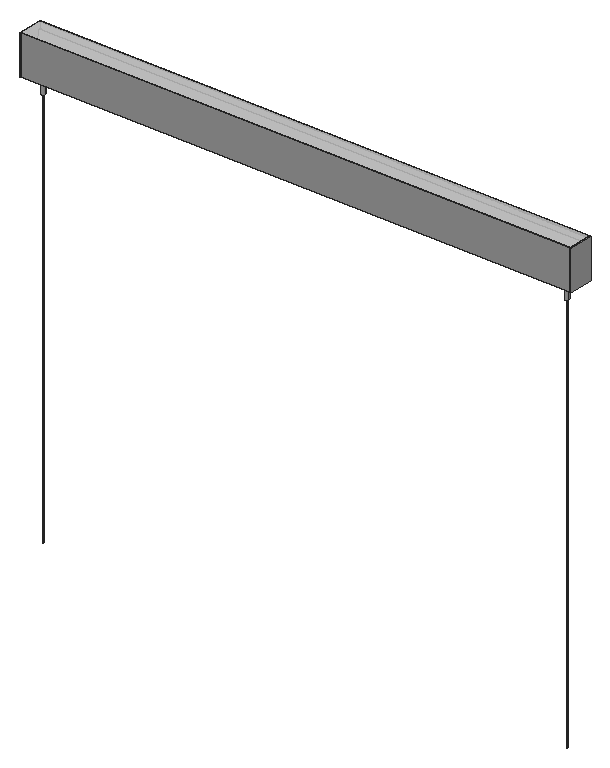
Revit family "2093101 Sylvania Lighting Fixture MC2-KIT D I 1-2M 4K DALI WHT PRIS", category Lighting Fixtures, host Face, Revit 2016
Family settings
  Host = Face
  Part Type = Normal
  Round Connector Dimension = Use Diameter
  OmniClass Number = 23.80.70.11.17
  OmniClass Title = Specialized Lighting by Location or Use
  Cut with Voids When Loaded = No
  Light Source = Yes
  Shared = No
  Room Calculation Point = No
Parameters (values of type "2093101 MC2-KIT D/I 1.2M 4K DALI WHT PRIS")
  Width_SYL = 54.0 mm
  Weight = "3.4 kg"
  Wattage = 32 W
  WarrantyStartDate [instance] = "n/a"
  WarrantyGuarantorParts = "n/a"
  WarrantyDurationUnit = "n/a"
  WarrantyDurationParts = "n/a"
  WarrantyDescription = "n/a"
  built-in parameter 1150110 = 1 (stored number, unit not read)
  Voltage = 0 V
  URL = "http://www.sylvania-lighting.com"
  TypeName = "MC2-KIT D/I 1.2M 4K DALI WHT PRIS"
  built-in parameter 1114217 = 1 (stored number, unit not read)
  Tilt Angle = -90.00°
  built-in parameter 1150109 = 1 (stored number, unit not read)
  built-in parameter 1150134 = 12
  built-in parameter 1150113 = 1 (stored number, unit not read)
  SerialNumber [instance] = "n/a"
  PowerFactor = 0.95
  PowerConsumption = "32 W"
  NominalWidth = 0.0 mm
  NominalLength = 1200.0 mm
  NominalHeight = 86.0 mm
  Name = "MC2-KIT D/I 1.2M 4K DALI WHT PRIS"
  ModelReference = "MC2-KIT D/I 1.2M 4K DALI WHT PRIS"
  ModelNumber = "2093101"
  Material_3_SYL = Metal_Sylvania_Mini Contiuum II_Silver
  Photometric Web File = "2093101.ies"
  Material_4_SYL = Metal_Sylvania_Mini Contiuum II_Silver
  MountingHeight_SYL [instance] = 1000.0 mm
  Material = "aluminium housing, polycarbonate diffuser"
  ManufacturerName = "Feilo Sylvania"
  LuminousEfficacy = "122 lm/W"
  LuminaireType = ""
  LightOutputRatio = "100"
  Length_SYL = 1200.0 mm
  LampsType = Lamp  # "LED"
  LampNominalLuminous = "3888 lm"
  LampMacAdamStep = "3"
  LampColourTemperature = "4000 K"
  LampColourRenderingIndex = "80"
  Keynote = "16500"
  InstallationDate [instance] = "n/a"
  InputVoltage = "n/a"
  InputNominalFrequency = "n/a"
  IngressProtection = "IP20"
  ImpactProtectionIndex = "n/a"
  IfcExportType = "IfcLightFixtureType"
  IfcExportAs = "IfcLightFixtureType"
  Height_SYL = 86.0 mm
  ExpectedLife = 50000
  EndCapRight_SYL = yes
  EndCapLeft_SYL = yes
  Emit from Rectangle Width = Width_SYL - 2.0 mm  # 52.0 mm
  Emit from Rectangle Length = Length_SYL  # 1200.0 mm
  Emit Shape Visible in Rendering = no
  ElectricShockClassification = "Class I"
  DurationUnit = "hours"
  DocumentationLiterature = "http://www.sylvania-lighting.com/product/en-int/products/2093101"
  DimmingControlOptions = "n/a"
  CreatedOn = "10/15/2018"
  CreatedBy = "@sylvania-lighting.com"
  built-in parameter 1114216 [instance] = 1 (stored number, unit not read)
  Model = "MC2-KIT D/I 1.2M 4K DALI WHT PRIS"
  Manufacturer = "Feilo Sylvania"
  built-in parameter 1150105 = 310.67 (stored number, unit not read)
  Lumens = 3904 lm
  built-in parameter 1150115 = 1 (stored number, unit not read)
  built-in parameter 1150137 = (empty or 0)
  built-in parameter 1150139 = (empty or 0)
  built-in parameter 1150112 = 1 (stored number, unit not read)
  built-in parameter 1150114 = 1 (stored number, unit not read)
  Lamp = "LED"
  built-in parameter 1150132 = 2
  built-in parameter 1150102 = (empty or 0)
  built-in parameter 1150107 = 4000 (stored number, unit not read)
  built-in parameter 1150138 = (empty or 0)
  built-in parameter 1150106 = 3.1067 (stored number, unit not read)
  Material_1_SYL = Metal_Sylvania_Mini Continuum II_White
  built-in parameter 1150104 = 11.334 (stored number, unit not read)
  Dimming Lamp Color Temperature Shift = <None>
  Material_2_SYL = Polycarbonate_Sylvania_Mini Continuum II_Opal_4000K
  Description = "2093101   MC2-KIT D/I 1.2M 4K DALI WHT PRIS  Continuous lines of LED light, white RAL 9016, direct/indirect distribution (65/35), suspended kit version is pre-wired and supplied complete with end caps and suspension cables, compact and minimalist design based on the Golden Mean, ideal for offices, meeting rooms, corridors, education facilities, museums and libraries, extruded aluminium body, diffuser: micro prismatic, colour temperature: 4000K neutral white, total system power: 32W, total fixture output: 3696lm, luminaire efficacy: 116lm/W, LOR: 100%, colour rendering: Ra >80, LED Chromacity: 1 step MacAdam ellipse, lifetime: 60,000 hours at 90% of the original output (L90), energy class: A++, A+, A, IR/UV free light source without heat radiation, operating voltage: 220-240V / 50-60Hz, drive current: (Direct) 800mA + (Indirect) 350mA, electronic driver, DALI dimmable, direct/indirect independently addressable, electrical protection: CLASS I, IP20, suitable for internal environment only."
  Default Elevation = 0.0 mm
  Color Filter = 16777215
  built-in parameter 1140040 [instance] = 1
  BarCode [instance] = "n/a"
  built-in parameter 1114218 = 1 (stored number, unit not read)
  built-in parameter 1150133 = 10 (stored number, unit not read)
  AssetType = "Fixed"
  AssetIdentifier [instance] = "n/a"
  Assembly Code = "D5020200"
  Apparent Load = 32 VA
Reference planes
  plane 1 "Center (Front/Back)": y = 0
  plane 2 "Bottom Fixtures": z = 0
  plane 3 "Center (Left/Right)": x = 0
  plane 4 "Fixture Left": x = -600
  plane 5 "Fixture Right": x = 600
  plane 6 "Fixture Bottom": z = 1000
  plane 7: z = 998
  plane 8: z = 996
  plane 9: z = 986.951
  plane 10: z = 956.951
  plane 11 "Fixture Top": z = 914
  plane 12 "Mounting Right": x = 572
  plane 13 "Mounting Left": x = -572
  plane 14: z = 879
  plane 15: y = 27
  plane 16: y = -27
  plane 17: y = -26
  plane 18: y = -25
  plane 19: y = 26
  plane 20: y = 25
  plane 21: y = 11
  plane 22: y = -11
  plane 23: y = 24
  plane 24: y = 22
  plane 25: y = -22
  plane 26: y = 15
  plane 27: y = -15
  plane 28 "Upper Diffuser Left": x = -450
  plane 29 "Upper Diffuser Right": x = 450
  plane 30: x = -602
  plane 31: x = 602
Forms (mm)
  Extrusion 1, solid, material "Metal_Sylvania_Mini Continuum II_White" <- "Material_1_SYL", detail levels fine
    sketch origin (0, 0, 520) x (0, 1, 0) y (0, 0, 1)
      loop
        line (27, 480) -> (26, 480) -> (26, 478) -> (25, 478) -> (25, 396) -> (13, 396) -> (13, 398) -> (-13, 398) -> (-13, 396) -> (-25, 396) -> (-25, 478) -> (-26, 478) -> (-26, 480) -> (-27, 480) -> (-27, 394) -> (-11, 394) -> (-11, 396) -> (11, 396) -> (11, 394) -> (27, 394) -> (27, 480)
    from -600 to 600
  Extrusion 2, solid, material "Polycarbonate_Sylvania_Mini Continuum II_Opal_4000K" <- "Material_2_SYL", detail levels fine
    sketch origin (0, 0, 520) x (0, 1, 0) y (0, 0, 1)
      loop
        line (-26, 480) -> (-26, 478) -> (26, 478) -> (26, 480) -> (-26, 480)
    from -600 to 600
  Extrusion 3, solid, material "Metal_Sylvania_Mini Contiuum II_Silver" <- "Material_3_SYL", detail levels fine
    sketch origin (0, 0, 520) x (0, 1, 0) y (0, 0, 1)
      loop
        line (22, 466.951) -> (20.973, 466.951) -> (14.206, 437.951) -> (11, 437.951) -> (11, 436.951) -> (15, 436.951) -> (22, 466.951)
      loop
        line (-15, 436.951) -> (-11, 436.951) -> (-11, 437.951) -> (-14.206, 437.951) -> (-20.973, 466.951) -> (-22, 466.951) -> (-15, 436.951)
    from -600 to 600
  Extrusion 4, solid, material "Metal_Sylvania_Mini Continuum II_White" <- "Material_1_SYL", detail levels coarse+medium
    sketch origin (0, 0, 520) x (0, 1, 0) y (0, 0, 1)
      loop
        line (-27, 480) -> (-27, 394) -> (27, 394) -> (27, 480) -> (-27, 480)
    from -600 to 600
  Extrusion 5, solid, material "Metal_Sylvania_Mini Contiuum II_Silver" <- "Material_4_SYL", detail levels fine
    sketch origin (0, 0, -86) x (-1, 0, 0) y (0, -1, 0)
      loop
        circle (572, 0) r 4
      loop
        circle (-572, 0) r 4
    from 965 to 1002
  Extrusion 6, solid, material "Metal_Sylvania_Mini Contiuum II_Silver" <- "Material_4_SYL", detail levels fine
    sketch origin (0, 0, -86) x (-1, 0, 0) y (0, -1, 0)
      loop
        circle (-572, 0) r 1
      loop
        circle (572, 0) r 1
    from 86 to 965
  Extrusion 7, solid, material "Polycarbonate_Sylvania_Mini Continuum II_Opal_4000K" <- "Material_2_SYL", detail levels fine
    sketch origin (0, 0, 0) x (0, 1, 0) y (0, 0, 1)
      loop
        arc (11, 916) -> (5.59, 914.504) -> (0, 914) r 31.25
        arc (0, 914) -> (-5.59, 914.504) -> (-11, 916) r 31.25
        line (-11, 916) -> (-11, 914.934)
        arc (-11, 914.934) -> (-5.584, 913.487) -> (0, 913) r 32.25
        arc (0, 913) -> (5.584, 913.487) -> (11, 914.934) r 32.25
        line (11, 914.934) -> (11, 916)
    from -450 to 450
  Extrusion 8, void
    sketch origin (0, 0, 0) x (0, 1, 0) y (0, 0, 1)
      loop
        line (11, 918) -> (-11, 918) -> (-11, 916) -> (11, 916) -> (11, 918)
    from -450 to 450
  Extrusion 9, solid, material "Metal_Sylvania_Mini Continuum II_White" <- "Material_1_SYL", visible <- "EndCapLeft_SYL"
    sketch origin (-600, 171.684, 1219.2) x (0, 1, 0) y (0, 0, 1)
      loop
        line (-198.684, -305.2) -> (-144.684, -305.2) -> (-144.684, -219.2) -> (-198.684, -219.2) -> (-198.684, -305.2)
    from 0 to -2
  Extrusion 10, solid, material "Metal_Sylvania_Mini Continuum II_White" <- "Material_1_SYL", visible <- "EndCapRight_SYL"
    sketch origin (600, 171.684, 1219.2) x (0, 1, 0) y (0, 0, -1)
      loop
        line (-144.684, 219.2) -> (-144.684, 305.2) -> (-198.684, 305.2) -> (-198.684, 219.2) -> (-144.684, 219.2)
    from 0 to -2
Cuts and joins
  Extrusion 8 cuts Extrusion 1
Lines and regions (mm)
  Masking region 1
    outline origin (0, 0, -86) x (-1, 0, 0) y (0, -1, 0)
      loop
        line (600, -27) -> (600, 27) -> (-600, 27) -> (-600, -27) -> (600, -27)
  symbolic lines, detail levels fine
    curve 1: line (-600, 26, -86) -> (600, 26, -86)
    curve 2: line (-600, -26, -86) -> (600, -26, -86)
  model lines, detail levels coarse+medium
    curve 3: line (-572, 0, 914) -> (-572, 0, 0)
    curve 4: line (572, 0, 914) -> (572, 0, 0)
Dimensions and locks
  host sketch curve to plane 3 "Center (Left/Right)" to host sketch curve = 820.0 mm, 775.047 mm
  equal spacing: plane 4 "Fixture Left", plane 3 "Center (Left/Right)", plane 5 "Fixture Right"
  "Length_SYL": plane 4 "Fixture Left" to plane 5 "Fixture Right"
  plane 6 "Fixture Bottom" to plane 7 to plane 8 to plane 9 to plane 10 = 2.0 mm locked, 2.0 mm locked, 9.049 mm locked, 30.0 mm locked
  locked: Extrusion 1 sketch curve to Extrusion 1 sketch curve at 2
  locked: Extrusion 1 sketch curve to plane 11 "Fixture Top" at 2
  "Height_SYL": plane 6 "Fixture Bottom" to plane 11 "Fixture Top"
  locked: plane 12 "Mounting Right" to plane 5 "Fixture Right" at 28
  locked: plane 4 "Fixture Left" to plane 13 "Mounting Left" at 28
  locked: plane 11 "Fixture Top" to plane 14 at 35
  "MountingHeight_SYL": plane 6 "Fixture Bottom" to plane 2 "Bottom Fixtures"
  equal spacing: plane 15, plane 1 "Center (Front/Back)", plane 16
  "Width_SYL": plane 15 to plane 16
  plane 22 to plane 27 to plane 25 to plane 18 to plane 17 to plane 16 = 4.0 mm locked, 7.0 mm locked, 3.0 mm locked, 1.0 mm locked, 1.0 mm locked
  plane 15 to plane 19 to plane 20 to plane 23 to plane 24 to plane 26 to plane 21 = 1.0 mm locked, 1.0 mm locked, 1.0 mm locked, 2.0 mm locked, 7.0 mm locked, 4.0 mm locked
  locked: plane 4 "Fixture Left" to plane 28 "Upper Diffuser Left" at 150
  locked: plane 29 "Upper Diffuser Right" to plane 5 "Fixture Right" at 150
  equal spacing: plane 30, plane 3 "Center (Left/Right)", plane 31
  locked: plane 30 to plane 4 "Fixture Left" at 2
  aligned and locked: plane 2 "Bottom Fixtures" to host face
  aligned and locked: level to host face
  aligned and locked: plane 5 "Fixture Right" to curve 1
  aligned and locked: plane 4 "Fixture Left" to curve 1
  aligned and locked: plane 4 "Fixture Left" to curve 2
  aligned and locked: plane 5 "Fixture Right" to curve 2
  aligned and locked: Extrusion 1 sketch curve to plane 7
  aligned and locked: plane 6 "Fixture Bottom" to Extrusion 1 sketch curve  (x2)
  aligned and locked: plane 7 to Extrusion 1 sketch curve
  aligned and locked: Extrusion 1 to Extrusion 2 sketch curve
  aligned and locked: Extrusion 2 sketch curve to Extrusion 1  (x3)
  aligned and locked: Extrusion 3 sketch curve to plane 10
  aligned and locked: plane 9 to Extrusion 3 sketch curve
  aligned and locked: Extrusion 3 sketch curve to plane 9
  aligned and locked: Extrusion 4 sketch curve to plane 6 "Fixture Bottom"
  aligned and locked: Extrusion 4 to plane 4 "Fixture Left"
  aligned and locked: Extrusion 2 to plane 4 "Fixture Left"
  aligned and locked: Extrusion 3 to plane 4 "Fixture Left"
  aligned and locked: Extrusion 1 to plane 4 "Fixture Left"
  aligned and locked: Extrusion 4 to plane 5 "Fixture Right"
  aligned and locked: Extrusion 2 to plane 5 "Fixture Right"
  aligned and locked: Extrusion 3 to plane 5 "Fixture Right"
  aligned and locked: Extrusion 1 to plane 5 "Fixture Right"
  aligned and locked: plane 11 "Fixture Top" to Extrusion 4 sketch curve
  aligned and locked: Extrusion 1 sketch curve to plane 11 "Fixture Top"  (x2)
  aligned and locked: Extrusion 1 sketch curve to Extrusion 1 sketch curve
  aligned and locked: plane 6 "Fixture Bottom" to imposter light
  aligned and locked: plane 11 "Fixture Top" to curve 3
  aligned and locked: plane 2 "Bottom Fixtures" to curve 3
  aligned and locked: plane 11 "Fixture Top" to curve 4
  aligned and locked: plane 2 "Bottom Fixtures" to curve 4
  aligned and locked: curve 4 to plane 12 "Mounting Right"
  aligned and locked: curve 3 to plane 13 "Mounting Left"
  aligned and locked: Extrusion 5 to Extrusion 1
  aligned and locked: Extrusion 5 to plane 14
  aligned and locked: plane 14 to Extrusion 6
  aligned and locked: Extrusion 6 to level
  aligned and locked: plane 11 "Fixture Top" to Extrusion 7 sketch curve
  aligned and locked: Extrusion 7 to plane 28 "Upper Diffuser Left"
  aligned and locked: Extrusion 7 to plane 29 "Upper Diffuser Right"
  aligned and locked: plane 21 to Extrusion 3 sketch curve
  aligned and locked: Extrusion 3 sketch curve to plane 22
  aligned and locked: Extrusion 8 sketch curve to plane 21
  aligned and locked: Extrusion 8 sketch curve to plane 22
  aligned and locked: Extrusion 8 sketch curve to Extrusion 1  (x2)
  aligned and locked: Extrusion 8 to Extrusion 7  (x2)
  aligned and locked: plane 21 to Extrusion 7 sketch curve
  aligned and locked: plane 1 "Center (Front/Back)" to Extrusion 7 sketch curve
  aligned and locked: plane 22 to Extrusion 7 sketch curve
  aligned and locked: Extrusion 9 sketch curve to Extrusion 4  (x4)
  aligned and locked: Extrusion 9 to plane 30
  aligned and locked: plane 4 "Fixture Left" to Extrusion 9
  aligned and locked: Extrusion 10 sketch curve to Extrusion 4  (x4)
  aligned and locked: plane 31 to Extrusion 10
  aligned and locked: plane 5 "Fixture Right" to Extrusion 10
Automatic sketch dimensions
  host sketch curve to host sketch curve = 1047.463 mm
  plane 19 to curve 1 = 0.0 mm
  curve 2 to plane 17 = 0.0 mm
  Masking region 1 sketch curve to plane 5 "Fixture Right" = 0.0 mm
  Masking region 1 sketch curve to plane 4 "Fixture Left" = 0.0 mm
  plane 15 to Masking region 1 sketch curve = 0.0 mm
  Masking region 1 sketch curve to plane 16 = 0.0 mm
  Extrusion 1 sketch curve to plane 16 = 0.0 mm
  Extrusion 1 sketch curve to plane 17 = 0.0 mm
  Extrusion 1 sketch curve to plane 18 = 0.0 mm
  Extrusion 1 sketch curve to plane 22 = 0.0 mm
  Extrusion 1 sketch curve to plane 21 = 0.0 mm
  Extrusion 1 sketch curve to plane 20 = 0.0 mm
  Extrusion 1 sketch curve to plane 19 = 0.0 mm
  Extrusion 1 sketch curve to plane 15 = 0.0 mm
  plane 11 "Fixture Top" to Extrusion 1 sketch curve = 2.0 mm
  Extrusion 1 sketch curve to plane 22 = 2.0 mm
  Extrusion 1 sketch curve to plane 21 = 2.0 mm
  Extrusion 3 sketch curve to plane 25 = 0.0 mm
  Extrusion 3 sketch curve to plane 27 = 0.0 mm
  Extrusion 3 sketch curve to plane 26 = 0.0 mm
  Extrusion 3 sketch curve to plane 24 = 0.0 mm
  plane 10 to Extrusion 3 sketch curve = 1.0 mm
  Extrusion 3 sketch curve to Extrusion 3 sketch curve = 1.027 mm
  plane 27 to Extrusion 3 sketch curve = 0.794 mm
  plane 26 to Extrusion 3 sketch curve = 0.794 mm
  plane 24 to Extrusion 3 sketch curve = 1.027 mm
  Extrusion 4 sketch curve to plane 16 = 0.0 mm
  Extrusion 4 sketch curve to plane 15 = 0.0 mm
  plane 1 "Center (Front/Back)" to Extrusion 5 sketch curve = 0.0 mm  (x2)
  Extrusion 5 sketch curve to plane 12 "Mounting Right" = 0.0 mm
  Extrusion 5 sketch curve to plane 13 "Mounting Left" = 0.0 mm
  plane 1 "Center (Front/Back)" to Extrusion 6 sketch curve = 0.0 mm  (x2)
  Extrusion 6 sketch curve to plane 12 "Mounting Right" = 0.0 mm
  Extrusion 6 sketch curve to plane 13 "Mounting Left" = 0.0 mm
  Extrusion 7 sketch curve to Extrusion 7 sketch curve = 0.0 mm  (x4)
  plane 11 "Fixture Top" to Extrusion 7 sketch curve = 0.934 mm
  Extrusion 3 sketch curve to Extrusion 3 sketch curve = 0.0 mm
  Extrusion 3 sketch curve to plane 10 = 0.0 mm
  plane 11 "Fixture Top" to Extrusion 7 sketch curve = 2.0 mm
  radius of Extrusion 5 sketch curve = 4.0 mm  (x2)
  radius of Extrusion 6 sketch curve = 1.0 mm  (x2)
Connectors
  electrical at (600, 0, 949), driven by "Apparent Load"
    settings: on Extrusion 1, index 1, voltage 230 V, apparent load 0 VA, apparent load phase1 32 VA, apparent load phase2 0 VA, apparent load phase3 0 VA, power factor 1, load classification "Lighting", number of poles 1, system type 31, power factor state 1, is connector primary yes, connector utility no, sub classification motor no, connector description ""
